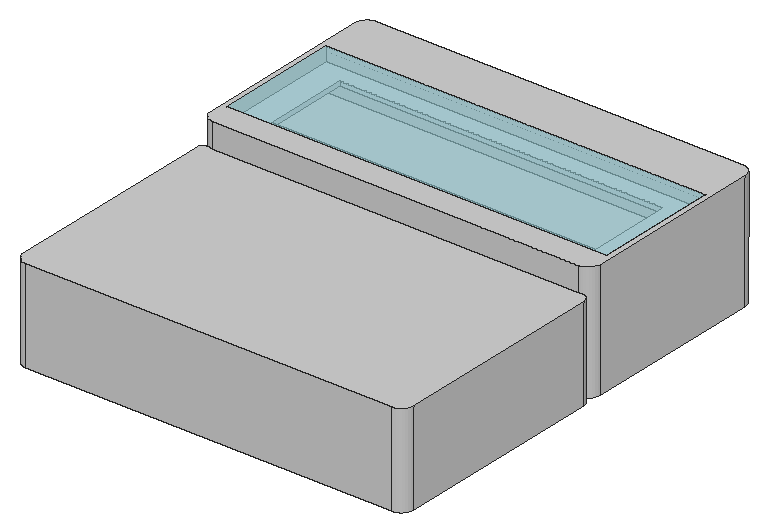
Revit family "Building-IEC309Boards-GEWISS-68QDIN-DISTRIBUTION-BOARD-14MOD_BLANK", category Apparecchi elettrici, host Superficie, Revit 2019
Family settings
  Host = Superficie
  Mantenere orientamento annotazione = Sì
  Quota connettore circolare = Usa diametro
  Tipo di parte = Normale
  Taglio con vuoti quando caricato = No
  Condiviso = No
  Punto di calcolo locali = Sì
Parameters (values of type "GW68004N - Q-DIN 14M.BLIND COV. 360X320X135 IP65")
  visibilita posizionamento 2d [instance] = yes
  simbolo 2d [instance] = yes
  oggetto in pianta [instance] = not(visibilita posizionamento 2d)  # no
  distanza_simbolo [instance] = 0.1 mm
  bordo acceso [instance] = yes
  Visibilità sportello [instance] = yes
  Version type = "Empty"
  Version file RFA = "21.5"
  VETRO = Vetro
  URL = "https://www.gewiss.com/ww/en"
  Thermo-pressure with ball = "70 °C"
  Technical sheet = "https://www.gewiss.com/ww/en/search?q=GW68004N"
  Spostamento_effettivo_S [instance] = 4000 mm - Spostamento_S  # 3000 mm
  Spostamento_S = 1000 mm
  Simbolo_quadro [instance] = not(simbolo 2d)  # no
  Shock resistance = "IK09"
  STRUTTURA ALTA = Poche
  STRUTTURA = RAL - 7035
  SEO = "Board"
  Realized by GEWISS S.p.A. = ""
  Default Elevation = 1219.2 mm
  Produttore = "GEWISS S.p.A."
  PRESA = rosso
  POMELLO = bianco
  Operating temperature: = "-25 +40 °C"
  No. of provided blank lids = "-"
  No. of modules EN 50022 = "14"
  N_Moduli = 14 mm
  Modello = "GW68004N"
  L_Moduli = N_Moduli * 19  # 266 mm
  Insulation class = "II"
  Installation type = "Surface-mounting"
  Immagine tipo = GW68004N.jpg
  IP degree = "IP65"
  IDT = "d585780b-ac8c-4f69-a7b1-54dd751465a2"
  IDF = "a3353da9-37d5-4705-baba-cf205a3a377c"
  Houseable socket = "Blank lid"
  Glow Wire Test = "650°C"
  Electrocod = "2242"
  EAN code = "8011564744752"
  Dispersible power B (W) = "64"
  Dispersible power A (W) = "24"
  Descrizione = "Q-DIN 14M.BLIND COV. 360X320X135 IP65"
  Colour = "Grey RAL 7035"
  Catalogue Range = "68 QDIN"
  Catalogue = "BUILDING"
  COBie.Tagnumber = ""
  COBie.CreatedOn = ""
  COBie.CreatebBy = ""
  COBie.ComponentRegisterItemID = ""
  COBie.Component.TagNumber = ""
  COBie.Component.Space = ""
  COBie.Component.SerialNumber = ""
  COBie.Component.InstallationDate = ""
  COBie.Component.Description = ""
  COBie.Component.BarCode = ""
  Accordance with Standards = "EN 60208 - EN 60670-1 - IEC 60670-24"
Reference planes
  plane 1 "Centro (Fronte/Retro)": y = 0
  plane 2: z = 0
  plane 3 "Centro (Sinistra/Destra)": x = 0
  plane 4: x = -3000
  plane 5: x = 0
Lines and regions (mm)
  Masking region 1, visible <- "visibilita posizionamento 2d"
    outline origin (0, 0, 0) x (1, 0, 0) y (0, 0, 1)
      loop
        line (-160, 0) -> (160, 0) -> (160, 96) -> (-160, 96) -> (-160, 0)
Dimensions and locks
  plane 4 to plane 3 "Centro (Sinistra/Destra)" = 3000 mm
  "Spostamento_effettivo_S": plane 4 to plane 5
  aligned and locked: plane 2 to host face
  aligned and locked: level to host face
  aligned and locked: nested 1 to plane 5
  aligned and locked: nested 3 to plane 5
  aligned and locked: nested 2 to plane 5
  aligned and locked: plane 1 "Centro (Fronte/Retro)" to nested 2
  aligned and locked: Masking region 1 to nested 2  (x2)
Automatic sketch dimensions
  host sketch curve to host sketch curve = 2438.4 mm  (x2)
  Masking region 1 sketch curve to level = 0 mm
  Masking region 1 sketch curve to plane 3 "Centro (Sinistra/Destra)" = 160 mm
  plane 3 "Centro (Sinistra/Destra)" to Masking region 1 sketch curve = 160 mm
  Masking region 1 sketch curve to Masking region 1 sketch curve = 96 mm
Nested families
  nested 1: "CENTRALINO" at (0, 737.795, 0), BORDO ACCESO <- "bordo acceso", SIMBOLO ACCESO <- "simbolo 2d", Distanza dal muro <- "distanza_simbolo", visible <- "simbolo 2d", type "CENTRALINO"
    with SIMBOLO ACCESO yes, Distanza dal muro 0.1 mm, BORDO ACCESO yes
  nested 2: "base____68QDIN14 QUADRO DISTRIBUZ VUOTO" at (0, 192, 0), Visibilita sportello <- "Visibilità sportello", type "base____68QDIN14 QUADRO DISTRIBUZ VUOTO", detail levels medium+fine
  nested 3: "simb_CENTRALINO_BASE_cad pro" at (0, 737.795, 0), Distanza dal muro <- "distanza_simbolo", visible <- "Simbolo_quadro", SIMBOLO ACCESO <- "Simbolo_quadro", type "simb_CENTRALINO_BASE_cad pro"
    with SIMBOLO ACCESO no, Distanza dal muro 0.1 mm, BORDO ACCESO yes
Definition of nested family "base____68QDIN14 QUADRO DISTRIBUZ VUOTO"
  Parameters (values of type "base____68QDIN14 QUADRO DISTRIBUZ VUOTO")
    n_moduli = 145 mm
    h_moduli = 70 mm
    Visibilita sportello [instance] = yes
    Vetro = none
    Struttura = none
    Spessore = 96 mm
    Default Elevation = 14 mm
    Presa = none
    Larghezza = 320 mm
    IFC.TypeObject = ""
    IFC.ExportType = ""
    IFC.ExportAs = ""
    H_da terra = 589.057 mm
    COBie.CreatedOn = ""
    COBie.CreatebBy = ""
    COBie.ComponentRegisterItemID = ""
    COBie.Component.TagNumber = ""
    COBie.Component.Space = ""
    COBie.Component.SerialNumber = ""
    COBie.Component.InstallationDate = ""
    COBie.Component.Description = ""
    COBie.Component.BarCode = ""
    Altezza scatole = 350 mm
    Altezza quadro = 150 mm
    Altezza = 258 mm
  Reference planes
    plane 1 "Centro (Fronte/Retro)": y = 0
    plane 2: z = 0
    plane 3 "Centro (Sinistra/Destra)": x = 0
    plane 4: z = 62.089
    plane 5: z = 103.126
    plane 6: z = 76.196
    plane 7: x = -160
    plane 8: x = 160
    plane 9: x = -156
    plane 10: x = 156
    plane 11: y = 123.21
    plane 12: y = 21.246
    plane 13: y = 0
    plane 14: y = -192
    plane 15: y = 168
    plane 16: z = 71.196
    plane 17: y = 109
    plane 18: y = 39
    plane 19: x = -72.5
    plane 20: x = 72.5
    plane 21: z = 92.059
    plane 22: z = 96
    plane 23 "posizionamento moduli": z = 84.734
    plane 24: z = 80.558
    plane 25: y = 74
    plane 26: x = -151.65
    plane 27: x = 151.65
    plane 28: y = -131
  Forms (mm)
    Extrusion 1, solid, material <- "Struttura"
      sketch origin (0, -857.311, 0) x (1, 0, 0) y (0, 1, 0)
        loop
          arc (-150, 1025.311) -> (-157.071, 1022.382) -> (-160, 1015.311) r 10
          line (-160, 1015.311) -> (-160, 867.311)
          arc (-160, 867.311) -> (-157.071, 860.24) -> (-150, 857.311) r 10
          line (-150, 857.311) -> (150, 857.311)
          arc (150, 857.311) -> (157.071, 860.24) -> (160, 867.311) r 10
          line (160, 867.311) -> (160, 1015.311)
          arc (160, 1015.311) -> (157.071, 1022.382) -> (150, 1025.311) r 10
          line (150, 1025.311) -> (-150, 1025.311)
      from 0 to 96
    Extrusion 2, solid, material <- "Struttura"
      sketch origin (0, -857.311, 0) x (1, 0, 0) y (0, 1, 0)
        loop
          line (152.45, 857.311) -> (-156.38, 857.311)
          arc (-156.38, 857.311) -> (-158.94, 856.251) -> (-160, 853.691) r 3.62
          line (-160, 853.691) -> (-160, 675.311)
          arc (-160, 675.311) -> (-157.071, 668.24) -> (-150, 665.311) r 10
          line (-150, 665.311) -> (150, 665.311)
          arc (150, 665.311) -> (157.071, 668.24) -> (160, 675.311) r 10
          line (160, 675.311) -> (160, 849.76)
          arc (160, 849.76) -> (157.789, 855.099) -> (152.45, 857.311) r 7.55
      from 0 to 76.196
    Extrusion 3, void
      sketch origin (0, -857.311, 0) x (1, 0, 0) y (0, 1, 0)
        loop
          line (-156, 980.52) -> (-156, 878.557) -> (156, 878.557) -> (156, 980.52) -> (-156, 980.52)
      from 62.089 to 96
    Extrusion 4, solid, material <- "Vetro", visible <- "Visibilita sportello", detail levels fine
      sketch origin (0, -857.311, 0) x (1, 0, 0) y (0, 1, 0)
        loop
          line (-156, 980.52) -> (-156, 878.557) -> (156, 878.557) -> (156, 980.52) -> (-156, 980.52)
      from 92.059 to 96
    Extrusion 5, void
      sketch origin (0, 0, 0) x (1, 0, 0) y (0, 1, 0)
        loop
          line (-72.5, 39) -> (72.5, 39) -> (72.5, 109) -> (-72.5, 109) -> (-72.5, 39)
      from 80.558 to 84.734
    Extrusion 6, solid
      sketch origin (0, 0, 0) x (1, 0, 0) y (0, 1, 0)
        loop
          line (-156, 123.21) -> (-156, 21.246) -> (156, 21.246) -> (156, 123.21) -> (-156, 123.21)
      from 80.558 to 84.734
  Cuts and joins
    Extrusion 3 cuts Extrusion 1
    Extrusion 5 cuts Extrusion 6
    Extrusion 5 cuts Extrusion 4
  Lines and regions (mm)
    model lines
      curve 1: line (-72.5, 74, 84.734) -> (72.5, 74, 84.734)
  Dimensions and locks
    locked: plane 4 to plane 5 at 41.036
    locked: plane 7 to plane 9 at 4
    locked: plane 10 to plane 8 at 4
    equal spacing: plane 7, plane 3 "Centro (Sinistra/Destra)", plane 8
    "Larghezza": plane 7 to plane 8
    plane 1 "Centro (Fronte/Retro)" to plane 15 = 168 mm
    plane 14 to plane 13 = 192 mm
    plane 12 to plane 1 "Centro (Fronte/Retro)" = 21.246 mm
    plane 11 to plane 15 = 44.79 mm
    locked: plane 6 to plane 16 at 5
    locked: plane 15 to plane 17 at 59
    "h_moduli": plane 17 to plane 18
    equal spacing: plane 19, plane 3 "Centro (Sinistra/Destra)", plane 20
    "n_moduli": plane 19 to plane 20
    locked: plane 22 to plane 21 at 3.941
    plane 6 to plane 2 = 76.196 mm
    locked: plane 21 to plane 23 "posizionamento moduli" at 7.325
    locked: plane 23 "posizionamento moduli" to plane 24 at 4.176
    equal spacing: plane 17, plane 25, plane 18
    locked: plane 7 to plane 26 at 8.35
    locked: plane 27 to plane 8 at 8.35
    plane 14 to plane 15 = 360 mm
    radius of Extrusion 2 sketch curve = 10 mm  (x2)
    radius of Extrusion 2 sketch curve = 3.62 mm
    radius of Extrusion 2 sketch curve = 7.55 mm
    radius of Extrusion 1 sketch curve = 10 mm  (x4)
    aligned and locked: level to plane 2
    aligned and locked: cut or joined group of Extrusion 1, Extrusion 3 to plane 4  (x2)
    aligned and locked: Extrusion 2 to plane 6
    aligned and locked: plane 7 to Extrusion 2 sketch curve
    aligned and locked: plane 8 to Extrusion 2 sketch curve
    aligned and locked: plane 8 to Extrusion 1 sketch curve
    aligned and locked: plane 7 to Extrusion 1 sketch curve
    aligned and locked: Extrusion 4 sketch curve to plane 9
    aligned and locked: Extrusion 4 sketch curve to plane 10
    aligned and locked: Extrusion 3 sketch curve to plane 9
    aligned and locked: Extrusion 3 sketch curve to plane 10
    aligned and locked: Extrusion 4 sketch curve to plane 11
    aligned and locked: Extrusion 4 sketch curve to plane 12
    aligned and locked: Extrusion 3 sketch curve to plane 11
    aligned and locked: Extrusion 3 sketch curve to plane 12
    aligned and locked: plane 13 to Extrusion 1 sketch curve
    aligned and locked: Extrusion 2 sketch curve to plane 13
    aligned and locked: plane 14 to Extrusion 2 sketch curve
    aligned and locked: plane 1 "Centro (Fronte/Retro)" to plane 13
    aligned and locked: plane 15 to Extrusion 1 sketch curve
    aligned and locked: Extrusion 5 sketch curve to plane 19
    aligned and locked: Extrusion 5 sketch curve to plane 17
    aligned and locked: Extrusion 5 sketch curve to plane 18
    aligned and locked: Extrusion 5 sketch curve to plane 20
    aligned and locked: plane 22 to cut or joined group of Extrusion 1, Extrusion 3
    aligned and locked: plane 23 "posizionamento moduli" to Extrusion 5
    aligned and locked: Extrusion 5 to plane 24
    aligned and locked: Extrusion 6 sketch curve to plane 11
    aligned and locked: Extrusion 6 sketch curve to plane 12
    aligned and locked: Extrusion 6 to plane 24
    aligned and locked: plane 23 "posizionamento moduli" to Extrusion 6
    aligned and locked: Extrusion 6 sketch curve to Extrusion 4  (x2)
    aligned and locked: plane 25 to curve 1
  Automatic sketch dimensions
    curve 1 to plane 19 = 0 mm
    curve 1 to plane 20 = 0 mm
Definition of nested family "CENTRALINO"
  Parameters (values of type "CENTRALINO")
    SIMBOLO ACCESO [instance] = yes
    Distanza dal muro [instance] = 0 mm
    BORDO ACCESO [instance] = yes
  Reference planes
    plane 1: y = 0
    plane 2: x = 0
  Dimensions and locks
    "Distanza dal muro": plane 1 to nested 1
    aligned and locked: plane 2 to nested 1
  Nested families
    nested 1: "CENTRALINO_BASE" at (0, 0, 0), BORDO ACCESO <- "BORDO ACCESO", visible <- "SIMBOLO ACCESO", type "CENTRALINO"
      with BORDO ACCESO yes
  Definition of nested family "CENTRALINO_BASE"
    Parameters (values of type "CENTRALINO")
      Distanza dal muro = 0 mm
      BORDO ACCESO [instance] = yes
    Reference planes
      plane 1: y = 0
      plane 2: x = 0
    Lines and regions (mm)
      detail lines, visible <- "BORDO ACCESO", not visible
        curve 1: line (-2.443, 10.208, 0) -> (2.057, 10.208, 0)
        curve 2: line (2.057, 10.208, 0) -> (2.057, 4.208, 0)
        curve 3: line (2.057, 4.208, 0) -> (-2.443, 4.208, 0)
        curve 4: line (-2.443, 4.208, 0) -> (-2.443, 10.208, 0)
        curve 5: line (-2.043, 9.808, 0) -> (1.657, 9.808, 0)
        curve 6: line (1.657, 9.808, 0) -> (1.657, 4.608, 0)
        curve 7: line (1.657, 4.608, 0) -> (-2.043, 4.608, 0)
        curve 8: line (-2.043, 4.608, 0) -> (-2.043, 9.808, 0)
      detail lines
        curve 9: line (0, 0.671, 0) -> (0, 0, 0)
        curve 10: line (0.659, 0.671, 0) -> (0.659, 1.33, 0)
        curve 11: line (0.659, 1.33, 0) -> (-0.659, 1.33, 0)
        curve 12: line (-0.659, 1.33, 0) -> (-0.659, 0.671, 0)
        curve 13: line (-0.659, 0.671, 0) -> (0.659, 0.671, 0)
        curve 14: line (0.497, 1.33, 0) -> (0.497, 2, 0)
        curve 15: line (0.167, 1.33, 0) -> (0.167, 2, 0)
        curve 16: line (-0.162, 1.33, 0) -> (-0.162, 2, 0)
        curve 17: line (-0.491, 1.33, 0) -> (-0.491, 2, 0)
Definition of nested family "simb_CENTRALINO_BASE_cad pro"
  Parameters (values of type "simb_CENTRALINO_BASE_cad pro")
    SIMBOLO ACCESO [instance] = yes
    Distanza dal muro [instance] = 0 mm
    BORDO ACCESO [instance] = yes
  Reference planes
    plane 1: y = 0
    plane 2: x = 0
  Dimensions and locks
    "Distanza dal muro": plane 1 to nested 1
    aligned and locked: plane 2 to nested 1
  Nested families
    nested 1: "CENTRALINO_BASE_cad pro" at (0, 0, 0), type "CENTRALINO"
  Definition of nested family "CENTRALINO_BASE_cad pro"
    Parameters (values of type "CENTRALINO")
      Distanza dal muro = 0 mm
    Reference planes
      plane 1: y = 0
      plane 2: x = 0
    Lines and regions (mm)
      detail lines
        curve 1: line (1.33, 1.33, 0) -> (2.109, 1.33, 0)
        curve 2: line (2.109, 1.33, 0) -> (2.109, 0, 0)
        curve 3: line (2.109, 0, 0) -> (1.33, 0, 0)
        curve 4: line (1.33, 0, 0) -> (-1.33, 1.33, 0)
        curve 5: line (-1.33, 1.33, 0) -> (1.33, 1.33, 0)
        curve 6: line (1.33, 1.33, 0) -> (1.33, 0, 0)
        curve 7: line (1.33, 0, 0) -> (-1.33, 0, 0)
        curve 8: line (-1.33, 0, 0) -> (-1.33, 1.33, 0)
        curve 9: line (1.461, 0.665, 0) -> (1.977, 0.665, 0)
        curve 10: line (1.719, 0.665, 0) -> (1.719, 1.01, 0)
        curve 11: arc (1.977, 0.406, 0) -> (1.719, 0.665, 0) -> (1.461, 0.406, 0) r 0.258
